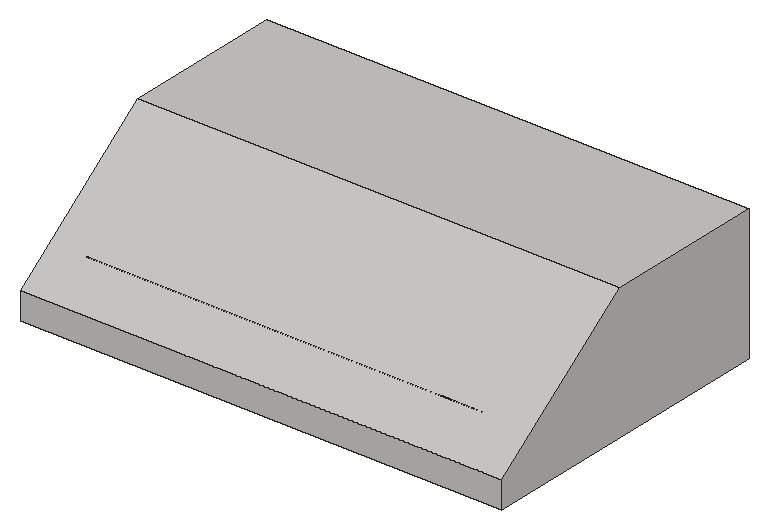
Revit family "P190780JX-154c_JXU9136HP_StainlessSteel_JA_Cooking_Ventilation", category Specialty Equipment, Revit 2024
Family settings
  Round Connector Dimension = Use Diameter
  Part Type = Normal
  Work Plane-Based = No
  Enable Cutting in Views = No
  Always vertical = Yes
  Cut with Voids When Loaded = No
  Maintain Annotation Orientation = No
  Shared = No
  Room Calculation Point = No
Parameters (values of type "JXU9136HP")
  Width = 36"
  Voltage = 0 V
  URL = ""
  Model = "JXU9136HP"
  Manufacturer = "Jenn Air"
  Knob Material = ARCAT - Metal - Steel - Black
  Installation-Fabrication = ""
  Height = 10"
  Feature 3 = "Radiant Until Ready\nRadiant jusqu’à ce qu’il soit prêt"
  Feature 2 = "3 1/4\" x 10\" Rectangular Exterior Venting\nConduit d’évacuation rectangulaire extérieur 3 1⁄4 x 10 po"
  Feature 1 = "Velocity Blower\nVentilateur à grande vitesse"
  Family Name = "COMMERCIAL & LINER HOODS - 36\""
  Energy Guide = ""
  Drawn By = ""
  Vent Material = ARCAT - Metal - Steel - Gray
  Dimension Guide = ""
  Description = "Pro-Style® 36\" Professional Low Profile Under Cabinet Hood\nHotte de ventilation à profil bas sous le placard, 36 po"
  Depth = 23"
  Default Elevation = 0"
  Copyright = ""
  Body Material = ARCAT - Metal - Steel - Stainless
  Amps = 0 A
  Accent Material = ARCAT - Metal - Steel - Gray
Reference planes (in)
  plane 1 "Center (Front/Back)": y = 0
  plane 2: z = 0
  plane 3 "Center (Left/Right)": x = 0
  plane 4: y = -23
  plane 5: z = 10
  plane 6: x = 18
  plane 7: x = -18
Forms (in)
  Extrusion 1, solid, material "ARCAT - Metal - Steel - Stainless" <- "Body Material"
    sketch origin (18, 60, 48) x (0, 1, 0) y (0, 0, 1)
      loop
        line (-60, -48) -> (-60, -38) -> (-72, -38) -> (-83, -46) -> (-83, -48) -> (-60, -48)
    from 0 to -36
  Extrusion 2, void
    sketch origin (18, 60, 48) x (0, -1, 0) y (0, 0, 1)
      loop
        line (82, -48) -> (82, -46.50922) -> (79.37907, -44.60309) -> (60.0625, -44.60309) -> (60.0625, -47.96875) -> (61, -47.96875) -> (61, -48) -> (82, -48)
    from 2 to 34
  Extrusion 3, solid, material "ARCAT - Metal - Steel - Stainless" <- "Body Material"
    sketch origin (16, 60, 48) x (0, -1, 0) y (0, 0, 1)
      loop
        line (81.50902, -47.98438) -> (82, -47.98438) -> (82, -46.50922) -> (79.37907, -44.60309) -> (73.65538, -44.60309) -> (73.65538, -47.98438) -> (74.72678, -47.98438) -> (79.33484, -44.63642) -> (81.50902, -47.98438)
    from 0 to 32
  Extrusion 4, void
    sketch origin (18.1875, -19.33484, 3.36358) x (0, -0.809017, 0.587785) y (1, 0, 0)
      loop
        circle (-2.5642, -4.60972) r 1.12402
    from 0 to 0.25
  Extrusion 5, solid, material "ARCAT - Metal - Steel - Black" <- "Knob Material"
    sketch origin (18.1875, -19.18789, 3.56583) x (0, 0.809017, -0.587785) y (1, 0, 0)
      loop
        circle (2.5642, -4.60972) r 1
    from 0 to 0.875
  Extrusion 6, void
    sketch origin (14.6875, -19.33484, 3.36358) x (0, -0.809017, 0.587785) y (1, 0, 0)
      loop
        circle (-2.5642, -4.60972) r 1.12402
    from 0 to 0.25
  Extrusion 7, solid, material "ARCAT - Metal - Steel - Black" <- "Knob Material"
    sketch origin (14.6875, -19.18789, 3.56583) x (0, 0.809017, -0.587785) y (1, 0, 0)
      loop
        circle (2.5642, -4.60972) r 1
    from 0 to 0.875
  Revolve 8, solid, material "ARCAT - Metal - Steel - Gray" <- "Accent Material"
    sketch origin (6.75, 60, 48) x (0, 1, 0) y (0, 0, 1)
      loop
        line (-81.3067, -47.67314) -> (-81.21605, -47.73198)
        arc (-81.21605, -47.73198) -> (-81.19216, -47.73965) -> (-81.16767, -47.73417) r 0.04786
        arc (-81.16767, -47.73417) -> (-80.9038, -47.57083) -> (-80.66492, -47.37273) r 2.24972
        arc (-80.66492, -47.37273) -> (-80.64235, -47.37737) -> (-80.62186, -47.36686) r 0.0347
        arc (-80.62186, -47.36686) -> (-80.29865, -46.98598) -> (-80.01918, -46.57195) r 4.54624
        line (-80.01918, -46.57195) -> (-80.42207, -46.31031) -> (-81.3067, -47.67314)
      axis (-80.42207, -46.31031) -> (-80.01918, -46.57195)
    angle from 0 to 360
  Revolve 9, solid, material "ARCAT - Metal - Steel - Gray" <- "Accent Material"
    sketch origin (-8.375, 60, 48) x (0, 1, 0) y (0, 0, 1)
      loop
        line (-81.3067, -47.67314) -> (-81.21605, -47.73198)
        arc (-81.21605, -47.73198) -> (-81.19216, -47.73965) -> (-81.16767, -47.73417) r 0.04786
        arc (-81.16767, -47.73417) -> (-80.9038, -47.57083) -> (-80.66492, -47.37273) r 2.24972
        arc (-80.66492, -47.37273) -> (-80.64235, -47.37737) -> (-80.62186, -47.36686) r 0.0347
        arc (-80.62186, -47.36686) -> (-80.29865, -46.98598) -> (-80.01918, -46.57195) r 4.54624
        line (-80.01918, -46.57195) -> (-80.42207, -46.31031) -> (-81.3067, -47.67314)
      axis (-80.42207, -46.31031) -> (-80.01918, -46.57195)
    angle from 0 to 360
  Extrusion 10, solid, material "ARCAT - Metal - Steel - Black" <- "Knob Material"
    sketch origin (18.1875, -19.7022, 2.85794) x (0, 0.809017, -0.587785) y (1, 0, 0)
      loop
        circle (2.5642, -4.60972) r 1
    from 0 to 0.125
  Extrusion 11, solid, material "ARCAT - Metal - Steel - Black" <- "Knob Material"
    sketch origin (14.6875, -19.7022, 2.85794) x (0, 0.809017, -0.587785) y (1, 0, 0)
      loop
        circle (2.5642, -4.60972) r 1
    from 0 to 0.125
  Extrusion 12, solid, material "ARCAT - Metal - Steel - Gray" <- "Vent Material"
    sketch origin (19.29055, -1.90559, 0.03125) x (0, -1, 0) y (1, 0, 0)
      loop
        line (-0.84309, -3.29055) -> (-1.84309, -3.29055) -> (-1.84309, -35.29055) -> (-0.84309, -35.29055) -> (-0.84309, -3.29055)
      loop
        line (11.74979, -3.29055) -> (10.74979, -3.29055) -> (10.74979, -35.29055) -> (11.74979, -35.29055) -> (11.74979, -3.29055)
    from 0 to 0.5
  Extrusion 13, solid, material "ARCAT - Metal - Steel - Gray" <- "Vent Material"
    sketch origin (18, -0.0625, 0.0625) x (0, -1, 0) y (1, 0, 0)
      loop
        line (1, -34) -> (12.59288, -34) -> (12.59288, -33.25) -> (1, -33.25) -> (1, -34)
    from 0 to 0.25
  Extrusion 14, solid, material "ARCAT - Metal - Steel - Gray" <- "Vent Material"
    sketch origin (26.75, -0.0625, 0.0625) x (1, 0, 0) y (0, -1, 0)
      loop
        line (-26.76562, 1) -> (-26.76562, 12.59288) -> (-27.51562, 12.59288) -> (-27.51562, 1) -> (-26.76562, 1)
    from 0 to -0.25
  Extrusion 15, solid, material "ARCAT - Metal - Steel - Gray" <- "Vent Material"
    sketch origin (17, -0.0625, 0.0625) x (0, 1, 0) y (1, 0, 0)
      loop
        line (-1, -31.75) -> (-1, -30.5) -> (-12.59288, -30.5) -> (-12.59288, -31.75) -> (-1, -31.75)
    from 0 to -0.25
  Extrusion 16, solid, material "ARCAT - Metal - Steel - Gray" <- "Vent Material"
    sketch origin (-18, -0.0625, 0.0625) x (0, -1, 0) y (1, 0, 0)
      loop
        line (1, 34) -> (1, 33.25) -> (12.59288, 33.25) -> (12.59288, 34) -> (1, 34)
    from 0 to 0.25
  Extrusion 17, solid, material "ARCAT - Metal - Steel - Gray" <- "Vent Material"
    sketch origin (-26.75, -0.0625, 0.0625) x (1, 0, 0) y (0, -1, 0)
      loop
        line (26.76562, 1) -> (27.51562, 1) -> (27.51562, 12.59288) -> (26.76562, 12.59288) -> (26.76562, 1)
    from 0 to -0.25
  Extrusion 18, solid, material "ARCAT - Metal - Steel - Gray" <- "Vent Material"
    sketch origin (29.23438, -0.0625, 0.0625) x (0, 1, 0) y (1, 0, 0)
      loop
        line (-1, -31.75) -> (-1, -30.5) -> (-12.59288, -30.5) -> (-12.59288, -31.75) -> (-1, -31.75)
    from 0 to -0.25
  Extrusion 19, solid, material "ARCAT - Metal - Steel - Gray" <- "Vent Material"
    sketch origin (18.74777, -0.0625, 0.0625) x (0, 1, 0) y (1, 0, 0)
      loop
        line (-1, -31.75) -> (-1, -30.5) -> (-12.59288, -30.5) -> (-12.59288, -31.75) -> (-1, -31.75)
    from 0 to -0.25
  Extrusion 20, solid, material "ARCAT - Metal - Steel - Gray" <- "Vent Material"
    sketch origin (20.49554, -0.0625, 0.0625) x (0, 1, 0) y (1, 0, 0)
      loop
        line (-1, -31.75) -> (-1, -30.5) -> (-12.59288, -30.5) -> (-12.59288, -31.75) -> (-1, -31.75)
    from 0 to -0.25
  Extrusion 21, solid, material "ARCAT - Metal - Steel - Gray" <- "Vent Material"
    sketch origin (22.2433, -0.0625, 0.0625) x (0, 1, 0) y (1, 0, 0)
      loop
        line (-1, -31.75) -> (-1, -30.5) -> (-12.59288, -30.5) -> (-12.59288, -31.75) -> (-1, -31.75)
    from 0 to -0.25
  Extrusion 22, solid, material "ARCAT - Metal - Steel - Gray" <- "Vent Material"
    sketch origin (23.99107, -0.0625, 0.0625) x (0, 1, 0) y (1, 0, 0)
      loop
        line (-1, -31.75) -> (-1, -30.5) -> (-12.59288, -30.5) -> (-12.59288, -31.75) -> (-1, -31.75)
    from 0 to -0.25
  Extrusion 23, solid, material "ARCAT - Metal - Steel - Gray" <- "Vent Material"
    sketch origin (25.73884, -0.0625, 0.0625) x (0, 1, 0) y (1, 0, 0)
      loop
        line (-1, -31.75) -> (-1, -30.5) -> (-12.59288, -30.5) -> (-12.59288, -31.75) -> (-1, -31.75)
    from 0 to -0.25
  Extrusion 24, solid, material "ARCAT - Metal - Steel - Gray" <- "Vent Material"
    sketch origin (27.48661, -0.0625, 0.0625) x (0, 1, 0) y (1, 0, 0)
      loop
        line (-1, -31.75) -> (-1, -30.5) -> (-12.59288, -30.5) -> (-12.59288, -31.75) -> (-1, -31.75)
    from 0 to -0.25
  Extrusion 25, solid, material "ARCAT - Metal - Steel - Gray" <- "Vent Material"
    sketch origin (33.01563, -0.0625, 0.0625) x (0, 1, 0) y (1, 0, 0)
      loop
        line (-1, -31.75) -> (-1, -30.5) -> (-12.59288, -30.5) -> (-12.59288, -31.75) -> (-1, -31.75)
    from 0 to -0.25
  Extrusion 26, solid, material "ARCAT - Metal - Steel - Gray" <- "Vent Material"
    sketch origin (45.25, -0.0625, 0.0625) x (0, 1, 0) y (1, 0, 0)
      loop
        line (-1, -31.75) -> (-1, -30.5) -> (-12.59288, -30.5) -> (-12.59288, -31.75) -> (-1, -31.75)
    from 0 to -0.25
  Extrusion 27, solid, material "ARCAT - Metal - Steel - Gray" <- "Vent Material"
    sketch origin (34.76339, -0.0625, 0.0625) x (0, 1, 0) y (1, 0, 0)
      loop
        line (-1, -31.75) -> (-1, -30.5) -> (-12.59288, -30.5) -> (-12.59288, -31.75) -> (-1, -31.75)
    from 0 to -0.25
  Extrusion 28, solid, material "ARCAT - Metal - Steel - Gray" <- "Vent Material"
    sketch origin (36.51116, -0.0625, 0.0625) x (0, 1, 0) y (1, 0, 0)
      loop
        line (-1, -31.75) -> (-1, -30.5) -> (-12.59288, -30.5) -> (-12.59288, -31.75) -> (-1, -31.75)
    from 0 to -0.25
  Extrusion 29, solid, material "ARCAT - Metal - Steel - Gray" <- "Vent Material"
    sketch origin (38.25893, -0.0625, 0.0625) x (0, 1, 0) y (1, 0, 0)
      loop
        line (-1, -31.75) -> (-1, -30.5) -> (-12.59288, -30.5) -> (-12.59288, -31.75) -> (-1, -31.75)
    from 0 to -0.25
  Extrusion 30, solid, material "ARCAT - Metal - Steel - Gray" <- "Vent Material"
    sketch origin (40.0067, -0.0625, 0.0625) x (0, 1, 0) y (1, 0, 0)
      loop
        line (-1, -31.75) -> (-1, -30.5) -> (-12.59288, -30.5) -> (-12.59288, -31.75) -> (-1, -31.75)
    from 0 to -0.25
  Extrusion 31, solid, material "ARCAT - Metal - Steel - Gray" <- "Vent Material"
    sketch origin (41.75446, -0.0625, 0.0625) x (0, 1, 0) y (1, 0, 0)
      loop
        line (-1, -31.75) -> (-1, -30.5) -> (-12.59288, -30.5) -> (-12.59288, -31.75) -> (-1, -31.75)
    from 0 to -0.25
  Extrusion 32, solid, material "ARCAT - Metal - Steel - Gray" <- "Vent Material"
    sketch origin (43.50223, -0.0625, 0.0625) x (0, 1, 0) y (1, 0, 0)
      loop
        line (-1, -31.75) -> (-1, -30.5) -> (-12.59288, -30.5) -> (-12.59288, -31.75) -> (-1, -31.75)
    from 0 to -0.25
  Revolve 33, solid, material "ARCAT - Metal - Steel - Gray" <- "Vent Material"
    sketch origin (-0.25, -9.44685, 0.03125) x (0, 0, -1) y (1, 0, 0)
      loop
        arc (-0.03125, 7.30489) -> (0.08574, 7.33856) -> (0.20522, 7.31517) r 0.25952
        line (0.20522, 7.31517) -> (0.24768, 7.31517)
        arc (0.24768, 7.31517) -> (0.36945, 7.34549) -> (0.49229, 7.31985) r 0.2813
        arc (0.49229, 7.31985) -> (0.50195, 7.36268) -> (0.50742, 7.40625) r 0.45272
        line (0.50742, 7.40625) -> (-0.03125, 7.40625) -> (-0.03125, 7.30489)
      axis (-0.03125, 7.40625) -> (0.50742, 7.40625)
    angle from 0 to 360
  Revolve 34, solid, material "ARCAT - Metal - Steel - Gray" <- "Vent Material"
    sketch origin (-13.25, -9.44685, 0.03125) x (0, 0, -1) y (1, 0, 0)
      loop
        arc (-0.03125, 4.30489) -> (0.08574, 4.33856) -> (0.20522, 4.31517) r 0.25952
        line (0.20522, 4.31517) -> (0.24768, 4.31517)
        arc (0.24768, 4.31517) -> (0.36945, 4.34549) -> (0.49229, 4.31985) r 0.2813
        arc (0.49229, 4.31985) -> (0.50195, 4.36268) -> (0.50742, 4.40625) r 0.45272
        line (0.50742, 4.40625) -> (-0.03125, 4.40625) -> (-0.03125, 4.30489)
      axis (-0.03125, 4.40625) -> (0.50742, 4.40625)
    angle from 0 to 360
  Revolve 35, solid, material "ARCAT - Metal - Steel - Gray" <- "Vent Material"
    sketch origin (1.4375, -3.88305, 0.03125) x (0, 0, -1) y (1, 0, 0)
      loop
        arc (-0.03125, 7.30489) -> (0.08574, 7.33856) -> (0.20522, 7.31517) r 0.25952
        line (0.20522, 7.31517) -> (0.24768, 7.31517)
        arc (0.24768, 7.31517) -> (0.36945, 7.34549) -> (0.49229, 7.31985) r 0.2813
        arc (0.49229, 7.31985) -> (0.50195, 7.36268) -> (0.50742, 7.40625) r 0.45272
        line (0.50742, 7.40625) -> (-0.03125, 7.40625) -> (-0.03125, 7.30489)
      axis (-0.03125, 7.40625) -> (0.50742, 7.40625)
    angle from 0 to 360
  Revolve 36, solid, material "ARCAT - Metal - Steel - Gray" <- "Vent Material"
    sketch origin (-14.5625, -3.88305, 0.03125) x (0, 0, -1) y (1, 0, 0)
      loop
        arc (-0.03125, 7.30489) -> (0.08574, 7.33856) -> (0.20522, 7.31517) r 0.25952
        line (0.20522, 7.31517) -> (0.24768, 7.31517)
        arc (0.24768, 7.31517) -> (0.36945, 7.34549) -> (0.49229, 7.31985) r 0.2813
        arc (0.49229, 7.31985) -> (0.50195, 7.36268) -> (0.50742, 7.40625) r 0.45272
        line (0.50742, 7.40625) -> (-0.03125, 7.40625) -> (-0.03125, 7.30489)
      axis (-0.03125, 7.40625) -> (0.50742, 7.40625)
    angle from 0 to 360
  Extrusion 37, solid, material "ARCAT - Metal - Steel - Stainless" <- "Body Material"
    sketch origin (18, 0, 0) x (0, 0, 1) y (1, 0, 0)
      loop
        circle (2.45706, -17.9992) r 0.25
    from 0 to 0.03125
Cuts and joins
  Extrusion 2, Extrusion 4 cuts Extrusion 1
  Extrusion 4, Extrusion 6 cuts Extrusion 3
  Extrusion 6 cuts Extrusion 5
Lines and regions (in)
  symbolic lines, style "SpecialityEquipment"
    curve 1: line (-18, 0, 14.29687) -> (-18, -23, 14.29687)
    curve 2: line (-18, -23, 14.29687) -> (18, -23, 14.29687)
    curve 3: line (18, 0, 14.29687) -> (-18, 0, 14.29687)
    curve 4: line (18, 0, 14.29687) -> (18, -23, 14.29687)
    curve 5: line (-18, -12, 14.29687) -> (18, -12, 14.29687)
Dimensions and locks (in)
  "Height": plane 5 to level
  "Depth": plane 1 "Center (Front/Back)" to plane 4
  equal spacing: plane 7, plane 3 "Center (Left/Right)", plane 6
  "Width": plane 7 to plane 6
  aligned and locked: plane 2 to level
  aligned and locked: plane 6 to Extrusion 1
  aligned and locked: plane 7 to Extrusion 1
  aligned and locked: Extrusion 2 to cut or joined group of Extrusion 3, Extrusion 4, Extrusion 6  (x2)
Automatic sketch dimensions
  plane 1 "Center (Front/Back)" to curve 1 = 0"
  curve 5 to plane 7 = 0"
  curve 5 to plane 6 = 0"
  curve 4 to plane 4 = 0"
  plane 4 to curve 5 = 11"
  Extrusion 1 sketch curve to level = 0"
  Extrusion 1 sketch curve to plane 4 = 0"
  Extrusion 1 sketch curve to plane 5 = 0"
  Extrusion 1 sketch curve to plane 1 "Center (Front/Back)" = 0"
  plane 4 to Extrusion 1 sketch curve = 11"
  Extrusion 1 sketch curve to Extrusion 1 sketch curve = 2"
  Extrusion 2 sketch curve to level = 0"
  plane 1 "Center (Front/Back)" to Extrusion 2 sketch curve = 1/16"
  level to Extrusion 2 sketch curve = 1/32"
  Extrusion 2 sketch curve to Extrusion 2 sketch curve = 15/16"
  plane 4 to Extrusion 2 sketch curve = 3.62093"
  plane 4 to Extrusion 2 sketch curve = 1"
  level to Extrusion 2 sketch curve = 1.49078"
  Extrusion 2 sketch curve to Extrusion 2 sketch curve = 1.90613"
  Extrusion 3 sketch curve to Extrusion 2 = 0"  (x4)
  Extrusion 3 sketch curve to Extrusion 2 = 0.03333"
  Extrusion 3 sketch curve to Extrusion 3 sketch curve = 0.04423"
  Extrusion 2 to Extrusion 3 sketch curve = 1/64"  (x2)
  Extrusion 3 sketch curve to Extrusion 3 sketch curve = 4.60806"
  Extrusion 3 sketch curve to Extrusion 3 sketch curve = 1.07139"
  Extrusion 3 sketch curve to Extrusion 3 sketch curve = 0.49098"
  Extrusion 4 sketch curve to Extrusion 3 = 2.5642"
  Extrusion 4 sketch curve to Extrusion 3 = 2.42222"
  Extrusion 6 sketch curve to Extrusion 3 = 2.5642"
  Extrusion 6 sketch curve to Extrusion 3 = 5.92222"
  Revolve 8 sketch curve to plane 4 = 0.92139"
  plane 4 to Revolve 8 sketch curve = 0.78297"
  level to Revolve 8 sketch curve = 0.32686"
  plane 4 to Revolve 8 sketch curve = 1.6933"
  level to Revolve 8 sketch curve = 0.26802"
  Revolve 8 sketch curve to Revolve 8 sketch curve = 0.09065"
  Revolve 8 sketch curve to Revolve 8 sketch curve = 0.02606"
  Revolve 8 sketch curve to Revolve 8 sketch curve = 139/256"
  level to Revolve 8 sketch curve = 1.68969"
  level to Revolve 8 sketch curve = 1.42805"
  Revolve 8 sketch curve to Revolve 8 sketch curve = 0.40289"
  Revolve 8 sketch curve to Revolve 8 sketch curve = 0.04014"
  Revolve 8 sketch curve to Revolve 8 sketch curve = 0.34885"
  Revolve 8 sketch curve to Revolve 8 sketch curve = 0.56614"
  Revolve 8 sketch curve to Revolve 8 sketch curve = 1.50483"
  Revolve 8 sketch curve to Revolve 8 sketch curve = 0"
  Revolve 8 sketch curve to Revolve 8 sketch curve = 0.01788"
  Revolve 8 sketch curve to Revolve 8 sketch curve = 0.00014"
  level to Revolve 8 sketch curve = 1.23116"
  Revolve 8 sketch curve to Revolve 8 sketch curve = 0.30319"
  Revolve 8 sketch curve to Revolve 8 sketch curve = 0.00009"
  Revolve 9 sketch curve to plane 4 = 0.92139"
  plane 4 to Revolve 9 sketch curve = 0.78297"
  level to Revolve 9 sketch curve = 0.32686"
  plane 4 to Revolve 9 sketch curve = 1.6933"
  level to Revolve 9 sketch curve = 0.26802"
  Revolve 9 sketch curve to Revolve 9 sketch curve = 0.09065"
  Revolve 9 sketch curve to Revolve 9 sketch curve = 0.02606"
  Revolve 9 sketch curve to Revolve 9 sketch curve = 139/256"
  level to Revolve 9 sketch curve = 1.68969"
  level to Revolve 9 sketch curve = 1.42805"
  Revolve 9 sketch curve to Revolve 9 sketch curve = 0.40289"
  Revolve 9 sketch curve to Revolve 9 sketch curve = 0.04014"
  Revolve 9 sketch curve to Revolve 9 sketch curve = 0.34885"
  Revolve 9 sketch curve to Revolve 9 sketch curve = 0.56614"
  Revolve 9 sketch curve to Revolve 9 sketch curve = 1.50483"
  Revolve 9 sketch curve to Revolve 9 sketch curve = 0"
  Revolve 9 sketch curve to Revolve 9 sketch curve = 0.01788"
  Revolve 9 sketch curve to Revolve 9 sketch curve = 0.00014"
  level to Revolve 9 sketch curve = 1.23116"
  Revolve 9 sketch curve to Revolve 9 sketch curve = 0.30319"
  Revolve 9 sketch curve to Revolve 9 sketch curve = 0.00009"
  Extrusion 10 sketch curve to plane 6 = 4.42222"
  Extrusion 11 sketch curve to plane 6 = 7.92222"
  Extrusion 12 sketch curve to Extrusion 2 = 0"  (x4)
  Extrusion 2 to Extrusion 12 sketch curve = 0"
  Extrusion 12 sketch curve to Extrusion 2 = 1/16"
  Extrusion 12 sketch curve to Extrusion 12 sketch curve = 11.59288"
  Extrusion 12 sketch curve to Extrusion 12 sketch curve = 1"
  plane 1 "Center (Front/Back)" to Extrusion 13 sketch curve = 1 1/16"
  Extrusion 13 sketch curve to plane 7 = 2"
  plane 4 to Extrusion 13 sketch curve = 10.34462"
  Extrusion 13 sketch curve to Extrusion 13 sketch curve = 3/4"
  Extrusion 13 to Extrusion 14 sketch curve = 0"  (x2)
  Extrusion 14 sketch curve to Extrusion 13 = 14 31/64"
  Extrusion 14 sketch curve to Extrusion 14 sketch curve = 3/4"
  Extrusion 15 sketch curve to plane 7 = 3 1/4"
  plane 4 to Extrusion 15 sketch curve = 10.34462"
  plane 1 "Center (Front/Back)" to Extrusion 15 sketch curve = 1 1/16"
  Extrusion 15 sketch curve to Extrusion 15 sketch curve = 1 1/4"
  plane 1 "Center (Front/Back)" to Extrusion 16 sketch curve = 1 1/16"
  Extrusion 16 sketch curve to plane 6 = 2"
  plane 4 to Extrusion 16 sketch curve = 10.34462"
  Extrusion 16 sketch curve to Extrusion 16 sketch curve = 3/4"
  Extrusion 13 to Extrusion 17 sketch curve = 0"  (x2)
  Extrusion 17 sketch curve to Extrusion 13 = 15 17/64"
  Extrusion 17 sketch curve to Extrusion 17 sketch curve = 3/4"
  plane 4 to Extrusion 18 sketch curve = 10.34462"
  plane 1 "Center (Front/Back)" to Extrusion 18 sketch curve = 1 1/16"
  Extrusion 19 sketch curve to plane 7 = 4.99777"
  plane 4 to Extrusion 19 sketch curve = 10.34462"
  plane 1 "Center (Front/Back)" to Extrusion 19 sketch curve = 1 1/16"
  Extrusion 19 sketch curve to Extrusion 19 sketch curve = 1 1/4"
  plane 4 to Extrusion 20 sketch curve = 10.34462"
  plane 1 "Center (Front/Back)" to Extrusion 20 sketch curve = 1 1/16"
  Extrusion 20 sketch curve to plane 7 = 7.99554"
  Extrusion 20 sketch curve to Extrusion 20 sketch curve = 1 1/4"
  plane 4 to Extrusion 21 sketch curve = 10.34462"
  plane 1 "Center (Front/Back)" to Extrusion 21 sketch curve = 1 1/16"
  Extrusion 21 sketch curve to Extrusion 21 sketch curve = 1 1/4"
  plane 4 to Extrusion 22 sketch curve = 10.34462"
  plane 1 "Center (Front/Back)" to Extrusion 22 sketch curve = 1 1/16"
  Extrusion 22 sketch curve to Extrusion 22 sketch curve = 1 1/4"
  plane 4 to Extrusion 23 sketch curve = 10.34462"
  plane 1 "Center (Front/Back)" to Extrusion 23 sketch curve = 1 1/16"
  Extrusion 23 sketch curve to Extrusion 23 sketch curve = 1 1/4"
  plane 4 to Extrusion 24 sketch curve = 10.34462"
  plane 1 "Center (Front/Back)" to Extrusion 24 sketch curve = 1 1/16"
  Extrusion 24 sketch curve to Extrusion 24 sketch curve = 1 1/4"
  plane 3 "Center (Left/Right)" to Extrusion 25 sketch curve = 1 17/64"
  plane 4 to Extrusion 25 sketch curve = 10.34462"
  plane 1 "Center (Front/Back)" to Extrusion 25 sketch curve = 1 1/16"
  Extrusion 25 sketch curve to Extrusion 25 sketch curve = 1 1/4"
  Extrusion 26 sketch curve to plane 6 = 4 1/2"
  plane 4 to Extrusion 26 sketch curve = 10.34462"
  plane 1 "Center (Front/Back)" to Extrusion 26 sketch curve = 1 1/16"
  Extrusion 26 sketch curve to Extrusion 26 sketch curve = 1 1/4"
  plane 3 "Center (Left/Right)" to Extrusion 27 sketch curve = 3.01339"
  plane 4 to Extrusion 27 sketch curve = 10.34462"
  plane 1 "Center (Front/Back)" to Extrusion 27 sketch curve = 1 1/16"
  Extrusion 27 sketch curve to Extrusion 27 sketch curve = 1 1/4"
  plane 3 "Center (Left/Right)" to Extrusion 28 sketch curve = 4.76116"
  plane 4 to Extrusion 28 sketch curve = 10.34462"
  plane 1 "Center (Front/Back)" to Extrusion 28 sketch curve = 1 1/16"
  Extrusion 28 sketch curve to Extrusion 28 sketch curve = 1 1/4"
  plane 4 to Extrusion 29 sketch curve = 10.34462"
  plane 1 "Center (Front/Back)" to Extrusion 29 sketch curve = 1 1/16"
  plane 3 "Center (Left/Right)" to Extrusion 29 sketch curve = 7.75893"
  Extrusion 29 sketch curve to Extrusion 29 sketch curve = 1 1/4"
  plane 4 to Extrusion 30 sketch curve = 10.34462"
  plane 1 "Center (Front/Back)" to Extrusion 30 sketch curve = 1 1/16"
  Extrusion 30 sketch curve to plane 6 = 8.4933"
  Extrusion 30 sketch curve to Extrusion 30 sketch curve = 1 1/4"
  plane 4 to Extrusion 31 sketch curve = 10.34462"
  plane 1 "Center (Front/Back)" to Extrusion 31 sketch curve = 1 1/16"
  Extrusion 31 sketch curve to plane 6 = 6.74554"
  Extrusion 31 sketch curve to Extrusion 31 sketch curve = 1 1/4"
  plane 4 to Extrusion 32 sketch curve = 10.34462"
  plane 1 "Center (Front/Back)" to Extrusion 32 sketch curve = 1 1/16"
  Extrusion 32 sketch curve to plane 6 = 4.99777"
  Extrusion 32 sketch curve to Extrusion 32 sketch curve = 1 1/4"
  level to Revolve 33 sketch curve = 1/16"
  Revolve 33 sketch curve to level = 0.02477"
  Revolve 33 sketch curve to level = 0.06576"
  Revolve 33 sketch curve to level = 0.17397"
  Revolve 33 sketch curve to Revolve 33 sketch curve = 0.04246"
  Revolve 33 sketch curve to Revolve 33 sketch curve = 0.27782"
  Revolve 33 sketch curve to Revolve 33 sketch curve = 0.25974"
  plane 3 "Center (Left/Right)" to Revolve 33 sketch curve = 6.81424"
  Revolve 33 sketch curve to Revolve 33 sketch curve = 0.01504"
  Revolve 33 sketch curve to Revolve 33 sketch curve = 0.22561"
  Revolve 33 sketch curve to Revolve 33 sketch curve = 0.10136"
  Revolve 33 sketch curve to Revolve 33 sketch curve = 0.03454"
  Revolve 33 sketch curve to Revolve 33 sketch curve = 1/32"
  Revolve 33 sketch curve to Revolve 33 sketch curve = 0.00742"
  Revolve 33 sketch curve to Revolve 33 sketch curve = 0"
  level to Revolve 34 sketch curve = 1/16"
  Revolve 34 sketch curve to level = 0.02477"
  Revolve 34 sketch curve to level = 0.06576"
  Revolve 34 sketch curve to level = 0.17397"
  Revolve 34 sketch curve to Revolve 34 sketch curve = 0.04246"
  Revolve 34 sketch curve to Revolve 34 sketch curve = 0.27782"
  Revolve 34 sketch curve to Revolve 34 sketch curve = 0.25974"
  Revolve 34 sketch curve to Revolve 34 sketch curve = 0.01504"
  Revolve 34 sketch curve to Revolve 34 sketch curve = 0.22561"
  Revolve 34 sketch curve to Revolve 34 sketch curve = 0.10136"
  Revolve 34 sketch curve to Revolve 34 sketch curve = 0.03454"
  level to Revolve 34 sketch curve = 1/32"
  Revolve 34 sketch curve to Revolve 34 sketch curve = 0.00742"
  Revolve 34 sketch curve to Revolve 34 sketch curve = 0"
  level to Revolve 35 sketch curve = 1/16"
  Revolve 35 sketch curve to level = 0.02477"
  Revolve 35 sketch curve to level = 0.06576"
  Revolve 35 sketch curve to level = 0.17397"
  Revolve 35 sketch curve to Revolve 35 sketch curve = 0.04246"
  Revolve 35 sketch curve to Revolve 35 sketch curve = 0.27782"
  Revolve 35 sketch curve to Revolve 35 sketch curve = 0.25974"
  plane 3 "Center (Left/Right)" to Revolve 35 sketch curve = 8.50174"
  Revolve 35 sketch curve to Revolve 35 sketch curve = 0.01504"
  Revolve 35 sketch curve to Revolve 35 sketch curve = 0.22561"
  Revolve 35 sketch curve to Revolve 35 sketch curve = 0.10136"
  Revolve 35 sketch curve to Revolve 35 sketch curve = 0.03454"
  level to Revolve 35 sketch curve = 1/32"
  Revolve 35 sketch curve to Revolve 35 sketch curve = 0.00742"
  Revolve 35 sketch curve to Revolve 35 sketch curve = 0"
  level to Revolve 36 sketch curve = 1/16"
  Revolve 36 sketch curve to level = 0.02477"
  Revolve 36 sketch curve to level = 0.06576"
  Revolve 36 sketch curve to level = 0.17397"
  Revolve 36 sketch curve to Revolve 36 sketch curve = 0.04246"
  Revolve 36 sketch curve to Revolve 36 sketch curve = 0.27782"
  Revolve 36 sketch curve to Revolve 36 sketch curve = 0.25974"
  Revolve 36 sketch curve to Revolve 36 sketch curve = 0.01504"
  Revolve 36 sketch curve to Revolve 36 sketch curve = 0.22561"
  Revolve 36 sketch curve to Revolve 36 sketch curve = 0.10136"
  Revolve 36 sketch curve to Revolve 36 sketch curve = 0.03454"
  level to Revolve 36 sketch curve = 1/32"
  Revolve 36 sketch curve to Revolve 36 sketch curve = 0.00742"
  Revolve 36 sketch curve to Revolve 36 sketch curve = 0"
  Extrusion 1 to Extrusion 37 sketch curve = 2.45706"
  Extrusion 1 to Extrusion 37 sketch curve = 17.9992"
  Extrusion 18 sketch curve to plane 3 "Center (Left/Right)" = 1 17/64"
  Extrusion 18 sketch curve to Extrusion 18 sketch curve = 1 1/4"
  Extrusion 21 sketch curve to plane 3 "Center (Left/Right)" = 8.2567"
  Extrusion 22 sketch curve to plane 3 "Center (Left/Right)" = 6.50893"
  Extrusion 23 sketch curve to plane 3 "Center (Left/Right)" = 4.76116"
  Extrusion 24 sketch curve to plane 3 "Center (Left/Right)" = 3.01339"
  Revolve 34 sketch curve to plane 7 = 8.81424"
  Revolve 36 sketch curve to plane 3 "Center (Left/Right)" = 7.49826"
  radius of Extrusion 4 sketch curve = 1.12402"
  radius of Extrusion 5 sketch curve to Extrusion 4 = 0.12402"
  radius of Extrusion 6 sketch curve = 1.12402"
  radius of Extrusion 7 sketch curve to Extrusion 6 = 0.12402"
  radius of Extrusion 10 sketch curve = 1"
  radius of Extrusion 11 sketch curve = 1"
  radius of Extrusion 37 sketch curve = 1/4"
Nested families (in)
  nested 1: "Family1" at (0, -15.74209, 0.7533) x (1, 0, 0) z (0, -0.5878, -0.809), type "Family1"
Connectors (in)
  electrical at (0.0008, 0.03125, 2.45706), driven by "Voltage"
    settings: on Extrusion 37, index 1, voltage 0 V, apparent load 0 VA, apparent load phase1 0 VA, apparent load phase2 0 VA, apparent load phase3 0 VA, power factor 1, load classification "Other", number of poles 1, system type 30, power factor state 1, is connector primary yes, connector utility no, sub classification motor no, connector description "Electrical Connection"
Definition of nested family "Family1"
  Parameters (values of type "Family1")
    Logo Material = none
    Default Elevation = 48"
  Reference planes (in)
    plane 1 "Center (Front/Back)": y = 0
    plane 2: z = 0
    plane 3 "Center (Left/Right)": x = 0
  Forms (in)
    Extrusion 1, solid
      sketch origin (0, 0, 0) x (1, 0, 0) y (0, 1, 0)
        loop
          line (-48, 48) -> (-48, -48) -> (48, -48) -> (48, 48) -> (-48, 48)
      from 0 to -12
    Blend 2, solid, material <- "Logo Material"
      base sketch origin (-0.08356, -0.0625, 0) x (1, 0, 0) y (0, 1, 0)
        loop
          line (0.02489, 0.57039) -> (-0.22144, 0.32405)
          arc (-0.22144, 0.32405) -> (-0.24304, 0.29174) -> (-0.25062, 0.25362) r 0.09961
          line (-0.25062, 0.25362) -> (-0.25062, 0.14197)
          arc (-0.25062, 0.14197) -> (-0.22734, 0.08578) -> (-0.17115, 0.0625) r 0.07947
          line (-0.17115, 0.0625) -> (0.33826, 0.0625)
          arc (0.33826, 0.0625) -> (0.39669, 0.0867) -> (0.4209, 0.14513) r 0.08263
          line (0.4209, 0.14513) -> (0.4209, 0.62388)
          arc (0.4209, 0.62388) -> (0.41329, 0.66302) -> (0.39157, 0.69647) r 0.1045
          line (0.39157, 0.69647) -> (0.16018, 0.93608)
          arc (0.16018, 0.93608) -> (0.12847, 0.94282) -> (0.11034, 0.91594) r 0.02899
          line (0.11034, 0.91594) -> (0.11034, 0.33378)
          arc (0.11034, 0.33378) -> (0.08904, 0.31248) -> (0.06775, 0.33378) r 0.0213
          line (0.06775, 0.33378) -> (0.06775, 0.55264)
          arc (0.06775, 0.55264) -> (0.05225, 0.57583) -> (0.02489, 0.57039) r 0.0251
      top sketch origin (-0.08356, -0.0625, 0) x (1, 0, 0) y (0, 1, 0)
        loop
          arc (0.12994, 0.32432) -> (0.08649, 0.28087) -> (0.04304, 0.32432) r 0.04345
          line (0.04304, 0.32432) -> (0.04304, 0.45676)
          arc (0.04304, 0.45676) -> (0.02729, 0.48124) -> (-0.00152, 0.47707) r 0.02691
          line (-0.00152, 0.47707) -> (-0.20871, 0.29696)
          arc (-0.20871, 0.29696) -> (-0.22551, 0.27447) -> (-0.23146, 0.24703) r 0.06617
          line (-0.23146, 0.24703) -> (-0.23146, 0.12591)
          arc (-0.23146, 0.12591) -> (-0.21726, 0.09162) -> (-0.18298, 0.07742) r 0.04849
          line (-0.18298, 0.07742) -> (0.33667, 0.07742)
          arc (0.33667, 0.07742) -> (0.37938, 0.09511) -> (0.39707, 0.13782) r 0.0604
          line (0.39707, 0.13782) -> (0.39707, 0.60409)
          arc (0.39707, 0.60409) -> (0.3893, 0.63986) -> (0.3674, 0.66918) r 0.08625
          line (0.3674, 0.66918) -> (0.17024, 0.84058)
          arc (0.17024, 0.84058) -> (0.14418, 0.84435) -> (0.12994, 0.82221) r 0.02433
          line (0.12994, 0.82221) -> (0.12994, 0.32432)
      from 0 to 0.03125
  Dimensions and locks (in)
    aligned and locked: plane 2 to Extrusion 1
    aligned and locked: level to Extrusion 1
